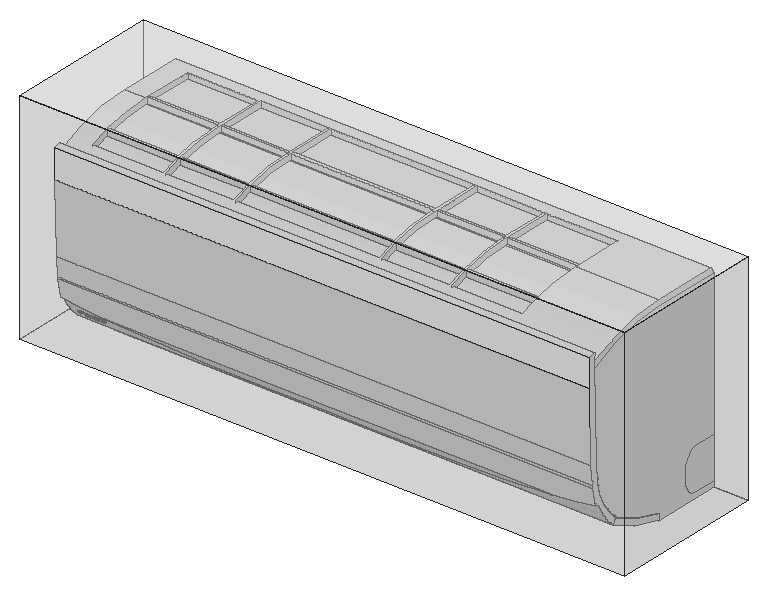
Revit family "outputfile", category 機械設備, Revit 2024 (continued)
Definition of nested family "DAIKIN_indoorunit_FTKM-Q2VMA"
  Automatic sketch dimensions
    Extrusion 20 sketch curve to Extrusion 20 sketch curve = 98.416 mm
    Extrusion 20 sketch curve to Extrusion 20 sketch curve = 0.896 mm
    Extrusion 20 sketch curve to Extrusion 20 sketch curve = 76.3 mm
    Extrusion 20 sketch curve to Extrusion 20 sketch curve = 7.433 mm
    Extrusion 20 sketch curve to Extrusion 20 sketch curve = 26.684 mm
    Extrusion 20 sketch curve to Extrusion 20 sketch curve = 8.909 mm
    plane 1 "Center (Front/Back)" to Extrusion 21 sketch curve = 218.957 mm
    Extrusion 21 sketch curve to Extrusion 21 sketch curve = 5.601 mm
    Extrusion 21 sketch curve to Extrusion 21 sketch curve = 65.735 mm
    Extrusion 21 sketch curve to Extrusion 21 sketch curve = 1.462 mm
    Extrusion 21 sketch curve to Extrusion 21 sketch curve = 83.356 mm
    plane 1 "Center (Front/Back)" to Extrusion 21 sketch curve = 92.093 mm
    Extrusion 21 sketch curve to Extrusion 21 sketch curve = 1.354 mm
    Extrusion 21 sketch curve to level = 291.755 mm
    Extrusion 21 sketch curve to Extrusion 21 sketch curve = 8.588 mm
    Extrusion 21 sketch curve to Extrusion 21 sketch curve = 29.018 mm
    Extrusion 21 sketch curve to Extrusion 21 sketch curve = 7.433 mm
    Extrusion 21 sketch curve to Extrusion 21 sketch curve = 75.403 mm
    Extrusion 21 sketch curve to Extrusion 21 sketch curve = 0.896 mm
    Extrusion 21 sketch curve to level = 72.504 mm
    Extrusion 21 sketch curve to Extrusion 21 sketch curve = 0.504 mm
    plane 1 "Center (Front/Back)" to Extrusion 22 sketch curve = 164.0 mm
    Extrusion 22 sketch curve to Extrusion 22 sketch curve = 34.0 mm
    plane 1 "Center (Front/Back)" to Extrusion 22 sketch curve = 92.093 mm
    Extrusion 22 sketch curve to Extrusion 22 sketch curve = 1.354 mm
    Extrusion 22 sketch curve to level = 291.755 mm
    Extrusion 22 sketch curve to Extrusion 22 sketch curve = 8.588 mm
    Extrusion 22 sketch curve to Extrusion 22 sketch curve = 0.077 mm
    Extrusion 22 sketch curve to Extrusion 22 sketch curve = 9.207 mm
    plane 1 "Center (Front/Back)" to Extrusion 23 sketch curve = 218.957 mm
    Extrusion 23 sketch curve to Extrusion 23 sketch curve = 5.601 mm
    Extrusion 23 sketch curve to Extrusion 23 sketch curve = 49.356 mm
    Extrusion 23 sketch curve to Extrusion 23 sketch curve = 65.735 mm
    Extrusion 23 sketch curve to Extrusion 23 sketch curve = 1.462 mm
    plane 1 "Center (Front/Back)" to Extrusion 23 sketch curve = 92.093 mm
    Extrusion 23 sketch curve to Extrusion 23 sketch curve = 1.354 mm
    Extrusion 23 sketch curve to level = 283.089 mm
    Extrusion 23 sketch curve to Extrusion 23 sketch curve = 9.207 mm
    Extrusion 23 sketch curve to Extrusion 23 sketch curve = 19.733 mm
    Extrusion 23 sketch curve to Extrusion 23 sketch curve = 7.433 mm
    Extrusion 23 sketch curve to Extrusion 23 sketch curve = 75.403 mm
    Extrusion 23 sketch curve to Extrusion 23 sketch curve = 0.896 mm
    Extrusion 23 sketch curve to level = 72.504 mm
    Extrusion 23 sketch curve to Extrusion 23 sketch curve = 0.504 mm
    Extrusion 24 sketch curve to level = 276.055 mm
    plane 1 "Center (Front/Back)" to Extrusion 24 sketch curve = 639.709 mm
    plane 1 "Center (Front/Back)" to Extrusion 24 sketch curve = 258.299 mm
    Extrusion 24 sketch curve to Extrusion 24 sketch curve = 2.64 mm
    Extrusion 24 sketch curve to Extrusion 24 sketch curve = 35.942 mm
    Extrusion 24 sketch curve to Extrusion 24 sketch curve = 1.937 mm
    Extrusion 24 sketch curve to Extrusion 24 sketch curve = 20.299 mm
    Extrusion 24 sketch curve to Extrusion 24 sketch curve = 45.88 mm
    Extrusion 24 sketch curve to Extrusion 24 sketch curve = 41.737 mm
    Extrusion 24 sketch curve to Extrusion 24 sketch curve = 13.741 mm
    Extrusion 24 sketch curve to Extrusion 24 sketch curve = 3.448 mm
    Extrusion 24 sketch curve to level = 253.495 mm
    Extrusion 24 sketch curve to Extrusion 24 sketch curve = 2.571 mm
    Extrusion 24 sketch curve to Extrusion 24 sketch curve = 37.558 mm
    Extrusion 24 sketch curve to Extrusion 24 sketch curve = 33.63 mm
    Extrusion 24 sketch curve to Extrusion 24 sketch curve = 0.492 mm
    Extrusion 24 sketch curve to Extrusion 24 sketch curve = 40.059 mm
    Extrusion 24 sketch curve to Extrusion 24 sketch curve = 22.435 mm
    Extrusion 24 sketch curve to Extrusion 24 sketch curve = 1.992 mm
    Extrusion 24 sketch curve to Extrusion 24 sketch curve = 37.063 mm
    Extrusion 24 sketch curve to Extrusion 24 sketch curve = 0.0 mm
    Extrusion 24 sketch curve to Extrusion 24 sketch curve = 4.147 mm
    Extrusion 25 sketch curve to Extrusion 25 sketch curve = 0.0 mm  (x4)
    Extrusion 25 sketch curve to plane 1 "Center (Front/Back)" = 0.0 mm
    plane 1 "Center (Front/Back)" to Extrusion 25 sketch curve = 87.233 mm
    Extrusion 25 sketch curve to Extrusion 25 sketch curve = 3.506 mm
    Extrusion 25 sketch curve to Extrusion 25 sketch curve = 92.593 mm
    Extrusion 25 sketch curve to Extrusion 25 sketch curve = 45.42 mm
    Extrusion 25 sketch curve to Extrusion 25 sketch curve = 58.927 mm
    Extrusion 25 sketch curve to Extrusion 25 sketch curve = 74.393 mm
    Extrusion 25 sketch curve to Extrusion 25 sketch curve = 2.031 mm
    Extrusion 25 sketch curve to level = 58.927 mm
    Extrusion 25 sketch curve to plane 1 "Center (Front/Back)" = 1866.935 mm
    Extrusion 25 sketch curve to level = 72.504 mm
    Extrusion 25 sketch curve to Extrusion 25 sketch curve = 74.381 mm
    Extrusion 25 sketch curve to Extrusion 25 sketch curve = 24.427 mm
    Extrusion 25 sketch curve to Extrusion 25 sketch curve = 74.426 mm
    Extrusion 25 sketch curve to Extrusion 25 sketch curve = 0.483 mm
    Extrusion 25 sketch curve to Extrusion 25 sketch curve = 4.137 mm
    Extrusion 25 sketch curve to Extrusion 25 sketch curve = 31.393 mm
    Extrusion 25 sketch curve to Extrusion 25 sketch curve = 9.215 mm
    Extrusion 25 sketch curve to level = 8.0 mm
    Extrusion 26 sketch curve to plane 1 "Center (Front/Back)" = 0.0 mm
    Extrusion 26 sketch curve to Extrusion 26 sketch curve = 20.0 mm  (x2)
    Extrusion 26 sketch curve to level = 287.035 mm
    Extrusion 27 sketch curve to plane 1 "Center (Front/Back)" = 0.0 mm
    Extrusion 27 sketch curve to Extrusion 27 sketch curve = 20.0 mm  (x2)
    Extrusion 27 sketch curve to level = 287.035 mm
    plane 1 "Center (Front/Back)" to Extrusion 28 sketch curve = 0.0 mm  (x2)
    plane 3 "Center (Left/Right)" to Extrusion 28 sketch curve = 469.0 mm
    Extrusion 28 sketch curve to Extrusion 28 sketch curve = 20.0 mm  (x4)
    Extrusion 28 sketch curve to plane 3 "Center (Left/Right)" = 409.0 mm
  Nested families
    nested 1: "daikin_logo_plane_w40" at (-320, -198.871, -233.244) x (1, 0, 0) z (0, -0.7841, -0.6206), visible <- "switch_unit1_20-46", type "daikin_logo_plane_w40"
      with show_logo yes
    nested 2: "daikin_logo_plane_w40" at (-430, -237.74, -233.244) x (1, 0, 0) z (0, -0.7841, -0.6206), visible <- "switch_unit1_50-71", type "daikin_logo_plane_w40"
      with show_logo yes
  Definition of nested family "daikin_logo_plane_w40"
    Parameters (values of type "daikin_logo_plane_w40")
      width = 40.0 mm
      show_logo [instance] = yes
      material = none
      height = 0.0 mm
      depth = 0.0 mm
      Default Elevation = 1219.2 mm
    Reference planes
      plane 1 "Center (Front/Back)": y = 0
      plane 2: z = 0
      plane 3 "Center (Left/Right)": x = 0
      plane 4: z = 2
      plane 5 "left": x = -19
      plane 6: x = 19
    Forms (mm)
      Extrusion 1, solid, visible <- "show_logo"
        sketch origin (-19, 0, 0) x (1, 0, 0) y (0, 1, 0)
          loop
            line (8.902, -1.878) -> (7.789, -6.332) -> (11.13, -6.332)
            arc (11.13, -6.332) -> (12.454, -6.064) -> (13.472, -5.176) r 2.642
            arc (13.472, -5.176) -> (13.92, -4.02) -> (13.767, -2.79) r 2.537
            arc (13.767, -2.79) -> (13.452, -2.342) -> (12.982, -2.06) r 1.321
            arc (12.982, -2.06) -> (12.063, -1.902) -> (11.13, -1.878) r 6.479
            line (11.13, -1.878) -> (8.902, -1.878)
          loop
            line (10.016, -5.441) -> (10.907, -5.441)
            arc (10.907, -5.441) -> (11.591, -4.983) -> (11.988, -4.261) r 1.742
            spline (11.988, -4.261) -> (12.01, -4.155) -> (12.027, -4.03) -> (12.037, -3.893) -> (12.037, -3.747) -> (12.026, -3.598) -> (12.002, -3.451) -> (11.962, -3.31) -> (11.905, -3.181) -> (11.829, -3.069) -> (11.731, -2.978) -> (11.61, -2.913) -> (11.464, -2.88)
            line (11.464, -2.88) -> (10.573, -2.88) -> (10.016, -5.441)
          loop
            line (13.58, -6.332) -> (14.805, -6.332) -> (15.223, -5.553) -> (16.977, -5.553) -> (17.144, -6.332) -> (19.149, -6.332) -> (18.258, -1.878) -> (16.03, -1.878) -> (13.58, -6.332)
          loop
            line (16.476, -3.214) -> (15.76, -4.551) -> (16.762, -4.551) -> (16.476, -3.214)
          loop
            line (19.705, -6.332) -> (21.599, -6.332) -> (22.712, -1.878) -> (20.819, -1.878) -> (19.705, -6.332)
          loop
            line (22.712, -6.332) -> (24.606, -6.332) -> (24.908, -5.122) -> (25.831, -6.332) -> (28.17, -6.332) -> (26.388, -3.994) -> (28.949, -1.878) -> (26.945, -1.878) -> (25.401, -3.153) -> (25.719, -1.878) -> (23.826, -1.878) -> (22.712, -6.332)
          loop
            line (29.84, -1.878) -> (28.615, -6.332) -> (30.62, -6.332) -> (31.734, -1.878) -> (29.84, -1.878)
          loop
            line (31.734, -6.332) -> (33.07, -6.332) -> (33.7, -3.814) -> (34.518, -6.332) -> (36.745, -6.332) -> (37.859, -1.878) -> (36.523, -1.878) -> (35.845, -4.589) -> (34.963, -1.878) -> (32.847, -1.878) -> (31.734, -6.332)
        from 0 to 2
      Extrusion 2, solid, visible <- "show_logo"
        sketch origin (-19, 0, 0) x (1, 0, 0) y (0, 1, 0)
          loop
            line (8.7, 0) -> (4.235, 0) -> (0, -3.879) -> (0, -8) -> (8.7, 0)
        from 0 to 2
      Extrusion 3, solid, visible <- "show_logo"
        sketch origin (-19, 0, 0) x (1, 0, 0) y (0, 1, 0)
          loop
            line (0, 0) -> (0, -3.879) -> (4.235, 0) -> (0, 0)
        from 0 to 2
    Dimensions and locks
      plane 4 to plane 2 = 2.0 mm
      equal spacing: plane 5 "left", plane 3 "Center (Left/Right)", plane 6
      locked: plane 5 "left" to plane 6 at 38
      aligned and locked: level to plane 2
      aligned and locked: Extrusion 3 to plane 1 "Center (Front/Back)"  (x2)
      aligned and locked: Extrusion 2 to plane 1 "Center (Front/Back)"  (x2)
      aligned and locked: plane 4 to Extrusion 1
      aligned and locked: plane 4 to Extrusion 3
      aligned and locked: plane 4 to Extrusion 2
      aligned and locked: Extrusion 3 to plane 5 "left"
      aligned and locked: Extrusion 2 to plane 5 "left"
    Automatic sketch dimensions
      Extrusion 1 sketch curve to Extrusion 1 sketch curve = 0.901 mm
      Extrusion 1 sketch curve to Extrusion 1 sketch curve = 1.559 mm
      Extrusion 1 sketch curve to Extrusion 1 sketch curve = 1.327 mm
      Extrusion 1 sketch curve to Extrusion 1 sketch curve = 2.145 mm
      Extrusion 1 sketch curve to Extrusion 1 sketch curve = 1.448 mm
      Extrusion 1 sketch curve to Extrusion 1 sketch curve = 2.116 mm
      Extrusion 1 sketch curve to Extrusion 1 sketch curve = 1.114 mm  (x4)
      Extrusion 1 sketch curve to Extrusion 1 sketch curve = 1.336 mm  (x2)
      plane 1 "Center (Front/Back)" to Extrusion 1 sketch curve = 1.878 mm  (x5)
      Extrusion 1 sketch curve to Extrusion 1 sketch curve = 1.893 mm  (x5)
      Extrusion 1 sketch curve to Extrusion 1 sketch curve = 0.891 mm  (x4)
      Extrusion 1 sketch curve to Extrusion 1 sketch curve = 2.005 mm  (x3)
      Extrusion 1 sketch curve to Extrusion 1 sketch curve = 0.445 mm  (x2)
      plane 1 "Center (Front/Back)" to Extrusion 1 sketch curve = 3.994 mm
      Extrusion 1 sketch curve to Extrusion 1 sketch curve = 0.557 mm  (x2)
      Extrusion 1 sketch curve to Extrusion 1 sketch curve = 2.339 mm  (x2)
      Extrusion 1 sketch curve to Extrusion 1 sketch curve = 1.225 mm  (x3)
      plane 1 "Center (Front/Back)" to Extrusion 1 sketch curve = 3.153 mm
      Extrusion 1 sketch curve to Extrusion 1 sketch curve = 0.987 mm
      plane 1 "Center (Front/Back)" to Extrusion 1 sketch curve = 5.122 mm
      Extrusion 1 sketch curve to Extrusion 1 sketch curve = 0.922 mm
      plane 1 "Center (Front/Back)" to Extrusion 1 sketch curve = 6.332 mm
      Extrusion 1 sketch curve to Extrusion 1 sketch curve = 2.562 mm
      plane 1 "Center (Front/Back)" to Extrusion 1 sketch curve = 5.553 mm
      Extrusion 1 sketch curve to Extrusion 1 sketch curve = 0.167 mm
      Extrusion 1 sketch curve to Extrusion 1 sketch curve = 0.215 mm
      plane 1 "Center (Front/Back)" to Extrusion 1 sketch curve = 3.214 mm
      Extrusion 1 sketch curve to Extrusion 1 sketch curve = 0.286 mm
      plane 1 "Center (Front/Back)" to Extrusion 1 sketch curve = 4.551 mm
      Extrusion 1 sketch curve to Extrusion 1 sketch curve = 1.002 mm
      Extrusion 1 sketch curve to Extrusion 1 sketch curve = 0.537 mm
      Extrusion 1 sketch curve to Extrusion 1 sketch curve = 0.418 mm
      Extrusion 1 sketch curve to Extrusion 1 sketch curve = 1.028 mm
      plane 1 "Center (Front/Back)" to Extrusion 1 sketch curve = 4.261 mm
      Extrusion 1 sketch curve to Extrusion 1 sketch curve = 0.563 mm
      plane 1 "Center (Front/Back)" to Extrusion 1 sketch curve = 2.88 mm
      Extrusion 1 sketch curve to Extrusion 1 sketch curve = 1.088 mm
      Extrusion 1 sketch curve to Extrusion 1 sketch curve = 2.152 mm
      Extrusion 1 sketch curve to Extrusion 1 sketch curve = 0.586 mm
      Extrusion 1 sketch curve to Extrusion 1 sketch curve = 0.118 mm
      Extrusion 1 sketch curve to Extrusion 1 sketch curve = 0.298 mm
      Extrusion 1 sketch curve to Extrusion 1 sketch curve = 0.334 mm
      Extrusion 1 sketch curve to Extrusion 1 sketch curve = 0.223 mm
      Extrusion 1 sketch curve to Extrusion 1 sketch curve = 0.266 mm
      Extrusion 1 sketch curve to Extrusion 1 sketch curve = 1.671 mm
      Extrusion 1 sketch curve to Extrusion 1 sketch curve = 2.227 mm
      Extrusion 1 sketch curve to Extrusion 1 sketch curve = 0.0 mm  (x7)
      Extrusion 1 sketch curve to Extrusion 1 sketch curve = 3.453 mm
      Extrusion 1 sketch curve to Extrusion 1 sketch curve = 2.017 mm
      Extrusion 1 sketch curve to Extrusion 1 sketch curve = 0.78 mm  (x2)
      Extrusion 1 sketch curve to Extrusion 1 sketch curve = 1.743 mm
      Extrusion 1 sketch curve to Extrusion 1 sketch curve = 0.775 mm
      Extrusion 1 sketch curve to Extrusion 1 sketch curve = 0.552 mm
      Extrusion 1 sketch curve to Extrusion 1 sketch curve = 0.014 mm
      Extrusion 1 sketch curve to Extrusion 1 sketch curve = 0.952 mm
      Extrusion 1 sketch curve to Extrusion 1 sketch curve = 1.215 mm
      Extrusion 1 sketch curve to Extrusion 1 sketch curve = 0.108 mm
      plane 1 "Center (Front/Back)" to Extrusion 2 sketch curve = 0.0 mm
      Extrusion 2 sketch curve to plane 3 "Center (Left/Right)" = 19.0 mm
      Extrusion 2 sketch curve to plane 3 "Center (Left/Right)" = 14.765 mm
      Extrusion 2 sketch curve to Extrusion 2 sketch curve = 4.465 mm
      plane 1 "Center (Front/Back)" to Extrusion 2 sketch curve = 3.879 mm
      Extrusion 2 sketch curve to Extrusion 2 sketch curve = 4.12 mm
      plane 1 "Center (Front/Back)" to Extrusion 3 sketch curve = 0.0 mm
      Extrusion 3 sketch curve to plane 3 "Center (Left/Right)" = 19.0 mm
      Extrusion 3 sketch curve to plane 3 "Center (Left/Right)" = 14.765 mm
      plane 1 "Center (Front/Back)" to Extrusion 3 sketch curve = 3.879 mm
      Extrusion 1 sketch curve to plane 3 "Center (Left/Right)" = 11.211 mm
      Extrusion 1 sketch curve to Extrusion 1 sketch curve = 1.782 mm
Definition of nested family "daikin_connector_rotate3"
  Parameters (values of type "daikin_connector_rotate3")
    show [instance] = yes
    radius [instance] = 10.0 mm
    length [instance] = 600.0 mm
    angle_horizontal [instance] = 60.00°
    angle_vertical [instance] = 90.00°
    Default Elevation = 1219.2 mm
  Reference planes
    plane 1 "Center (Front/Back)": y = 0
    plane 2: z = 0
    plane 3 "Center (Left/Right)": x = 0
  Dimensions and locks
    "angle_horizontal": angle plane 3 "Center (Left/Right)" to nested 1
    aligned and locked: level to plane 2
    aligned and locked: plane 1 "Center (Front/Back)" to nested 1  (x2)
    aligned and locked: plane 3 "Center (Left/Right)" to nested 1
  Nested families
    nested 1: "daikin_connector_rotate2" at (0, 0, 0) x (0.5, 0.866, 0) z (0, 0, 1), angle_vertical <- "angle_vertical", length <- "length", radius <- "radius", type "daikin_connector_rotate2"
      with radius 10.0 mm, length 600.0 mm, angle_vertical 90.00°
  Definition of nested family "daikin_connector_rotate2"
    Parameters (values of type "daikin_connector_rotate2")
      show_face = yes
      radius [instance] = 10.0 mm
      length [instance] = 600.0 mm
      d_surface = 10.0 mm
      angle_vertical [instance] = 90.00°
      Default Elevation = 0.0 mm
    Reference planes
      plane 1 "Center (Front/Back)": y = 0
      plane 2: z = 0
      plane 3 "Center (Left/Right)": x = 0
    Forms (mm)
      Extrusion 1, solid, visible <- "show_face"
        sketch origin (0, -600, 0) x (1, 0, 0) y (0, 0, 1)
          loop
            circle (0, 0) r 10
        from 0 to -10
    Lines and regions (mm)
      reference lines
        curve 1: line (0, 0, 0) -> (0, -600, 0)
      symbolic lines
        curve 2: circle (0, 0, 0) r 5 normal (0, 0, 1)
      model lines, visible <- "show_face"
        curve 3: line (0, 0, 0) -> (0, -600, 0)
    Dimensions and locks
      "length": curve 1 to curve 1
      "length": curve 3 to curve 3
      "d_surface": Extrusion 1 to Extrusion 1
      "radius": radius of Extrusion 1 sketch curve
      "angle_vertical": angle curve 1 to plane 1 "Center (Front/Back)"
      "angle_vertical": angle curve 3 to plane 1 "Center (Front/Back)"
      aligned and locked: level to plane 2
      aligned and locked: plane 1 "Center (Front/Back)" to curve 1
      aligned and locked: plane 2 to curve 1
      aligned and locked: plane 1 "Center (Front/Back)" to curve 2
      aligned and locked: plane 3 "Center (Left/Right)" to curve 2
      aligned and locked: plane 1 "Center (Front/Back)" to curve 3
      aligned and locked: plane 2 to curve 3
      aligned and locked: Extrusion 1 to Extrusion 1
    Automatic sketch dimensions
      Extrusion 1 sketch curve to level = 0.0 mm
      Extrusion 1 sketch curve to plane 3 "Center (Left/Right)" = 0.0 mm
      radius of curve 2 = 5.0 mm
